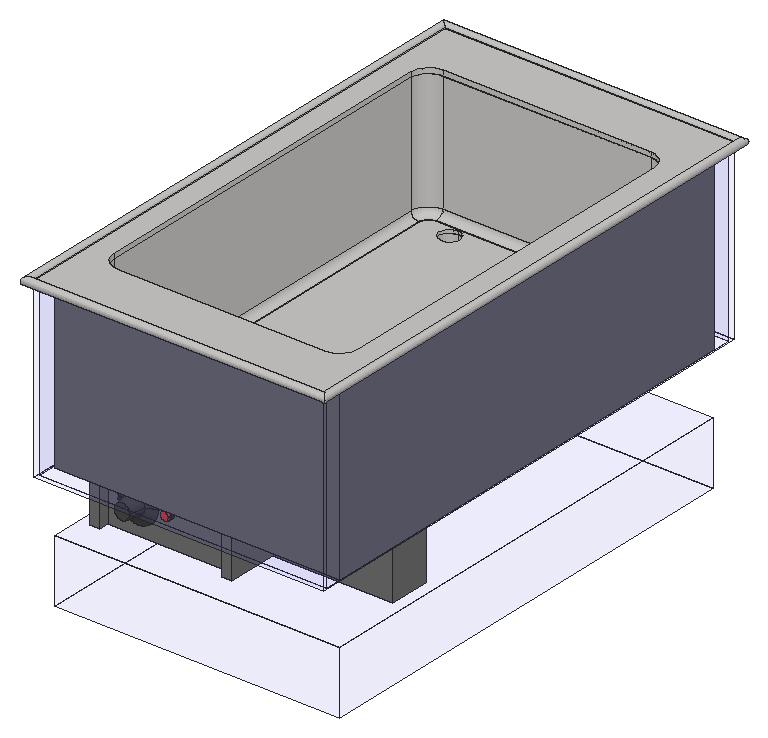
Revit family "QF_Vollrath_36466_cat", category Specialty Equipment, Revit 2016
Family settings
  Part Type = Normal
  Round Connector Dimension = Use Diameter
  OmniClass Number = 23.40.40.14.14
  OmniClass Title = Food Preparation Equipment
  Work Plane-Based = No
  Always vertical = Yes
  Cut with Voids When Loaded = No
  Shared = No
  Room Calculation Point = No
Parameters (values of type "Requires Type Catalog QF_Vollrath_36466_cat.txt")
  Width = 1' - 3"
  Weight in Pounds = 0
  Watts = 0 W
  Watermarked By = "http://revitwatermark.com"
  Waste Water Discharge Temperature [instance] = -459.67 °F
  Volts = 0 V
  URL Cutsheet = ""
  URL = "www.vollrathco.com"
  Status [instance] = ""
  Specification by User [instance] = ""
  Specification by Manufacturer [instance] = ""
  Serial Number [instance] = ""
  Seismic Rating [instance] = ""
  Revision Code [instance] = ""
  Remote Control Box [instance] = no
  Plumbing Remarks [instance] = ""
  Plumbing Connection Type [instance] = ""
  Phase = 1
  Number of Poles = 1
  NAFEM Spec ID Number [instance] = ""
  Mounted Control Box [instance] = not(Remote Control Box)  # yes
  Model = "-"
  Masterspec [instance] = ""
  Manufacturer = "Vollrath"
  Item Number [instance] = "-"
  Installed By [instance] = ""
  Indirect Waste Size = 1/2"
  Indirect Waste Flow [instance] = 0.00 GPM
  Indirect Waste Connection Type [instance] = ""
  Indirect Waste Connection Height [instance] = Height AFF - 1' 0 3/16"  # 1' - 11 13/16"
  Height AFF [instance] = 3' - 0"
  Furnished By [instance] = ""
  Foodservice Equipment Identifier [instance] = yes
  FL Amps = 0 A
  Electrical Remarks [instance] = ""
  Electric Connection Type [instance] = ""
  Elec Conn RI Height [instance] = 0' - 0"
  Elec Conn Connection Height [instance] = Height AFF - 0' 10"  # 2' - 2"
  Description = "Drop-In, Single Well Hot"
  Depth = 2' - 2"
  Cycle = 60 Hz
  Conn Plug = "-"
  CSI MasterFormat = "11 42 00"
  Assembly Code = "E1090320"
  Apparent Power = if(Phase = 3, Volts * FL Amps * 1.73, Volts * FL Amps)  # 0 VA
Reference planes (in)
  plane 1 "BACK": y = 0
  plane 2: z = 0
  plane 3 "LEFT": x = -15.489587
  plane 4 "RIGHT": x = -0.489587
  plane 5 "FRONT": y = -26
  plane 6 "Table Top": z = 36
  plane 7 "TOP": z = 36.375
  plane 8: y = -3
  plane 9: y = -23
  plane 10: x = -13.989587
  plane 11: x = -1.989587
  plane 12 "Bottom of Well": z = 29.625
  plane 13 "Bottom of Well Cover": z = 27.5
  plane 14: y = -1.5
  plane 15: y = -24.5
  plane 16: x = -14.989587
  plane 17: x = -0.989587
  plane 18 "Standard Drain": z = 23.75
  plane 19 "Drain FB": x = -11.989587
  plane 20 "Drain LR": y = -4
  plane 21: z = 24.5
  plane 22: z = 21.5
  plane 23 "Back of Panel": y = -20.5
  plane 24: y = -18.5
  plane 25: x = -14.489587
  plane 26: x = -1.552087
  plane 27 "Manifold Drain Top": z = 24.25
  plane 28 "Manifold Drain FB": x = -6.989587
  plane 29 "Front of Panel": y = -22.5
  plane 30: x = -7.489587
  plane 31: z = 21.375
Forms (in)
  Sweep 1, solid, material "QF_Finishes_Stainless Steel"
    path origin (0, 0, 36) x (0, 1, 0) y (-1, 0, 0)
      loop
        line (0, 15.489587) -> (-26, 15.489587) -> (-26, 0.489587) -> (0, 0.489587) -> (0, 15.489587)
    profile origin (-7.989587, 0, 36) x (0, 1, 0) y (0, 0, 1)
      loop
        line (-0.3712117, 0) -> (-0.1875, 0)
        arc (-0.1875, 0) -> (-0.0422631, 0.3060854) -> (-0.3712117, 0.225) r 0.1875
        line (-0.3712117, 0.225) -> (-0.3712117, 0)
  Extrusion 2, solid, material "QF_Finishes_Stainless Steel"
    sketch origin (0, 0, 36) x (0, 1, 0) y (-1, 0, 0)
      loop
        arc (-3, 13.114587) -> (-3.2562816, 13.7333055) -> (-3.875, 13.989587) r 0.875
        line (-3.875, 13.989587) -> (-22.125, 13.989587)
        arc (-22.125, 13.989587) -> (-22.7437184, 13.7333055) -> (-23, 13.114587) r 0.875
        line (-23, 13.114587) -> (-23, 2.864587)
        arc (-23, 2.864587) -> (-22.7437184, 2.2458686) -> (-22.125, 1.989587) r 0.875
        line (-22.125, 1.989587) -> (-3.875, 1.989587)
        arc (-3.875, 1.989587) -> (-3.2562816, 2.2458686) -> (-3, 2.864587) r 0.875
        line (-3, 2.864587) -> (-3, 13.114587)
      loop
        line (-0.3712117, 15.1183753) -> (-25.6287883, 15.1183753) -> (-25.6287883, 0.8607988) -> (-0.3712117, 0.8607988) -> (-0.3712117, 15.1183753)
    from 0 to 0.225
  Sweep 3, solid, material "QF_Finishes_Stainless Steel"
    path origin (0, 0, 36) x (0, 1, 0) y (-1, 0, 0)
      loop
        arc (-3, 13.114587) -> (-3.2562816, 13.7333055) -> (-3.875, 13.989587) r 0.875
        line (-3.875, 13.989587) -> (-22.125, 13.989587)
        arc (-22.125, 13.989587) -> (-22.7437184, 13.7333055) -> (-23, 13.114587) r 0.875
        line (-23, 13.114587) -> (-23, 2.864587)
        arc (-23, 2.864587) -> (-22.7437184, 2.2458686) -> (-22.125, 1.989587) r 0.875
        line (-22.125, 1.989587) -> (-3.875, 1.989587)
        arc (-3.875, 1.989587) -> (-3.2562816, 2.2458686) -> (-3, 2.864587) r 0.875
        line (-3, 2.864587) -> (-3, 13.114587)
    profile origin (-7.989587, -3, 36) x (0, 1, 0) y (0, 0, 1)
      loop
        line (0, 0) -> (0, -5.875)
        arc (0, -5.875) -> (-0.109835, -6.140165) -> (-0.375, -6.25) r 0.375
        line (-0.375, -6.25) -> (-0.375, -6.375)
        arc (-0.375, -6.375) -> (-0.0214466, -6.2285534) -> (0.125, -5.875) r 0.5
        line (0.125, -5.875) -> (0.125, 0) -> (0, 0)
  Extrusion 4, solid, material "QF_Finishes_Stainless Steel"
    sketch origin (0, 0, 29.625) x (0, 1, 0) y (-1, 0, 0)
      loop
        arc (-3.375, 13.114587) -> (-3.5214466, 13.4681404) -> (-3.875, 13.614587) r 0.5
        line (-3.875, 13.614587) -> (-22.125, 13.614587)
        arc (-22.125, 13.614587) -> (-22.4785534, 13.4681404) -> (-22.625, 13.114587) r 0.5
        line (-22.625, 13.114587) -> (-22.625, 2.864587)
        arc (-22.625, 2.864587) -> (-22.4785534, 2.5110336) -> (-22.125, 2.364587) r 0.5
        line (-22.125, 2.364587) -> (-3.875, 2.364587)
        arc (-3.875, 2.364587) -> (-3.5214466, 2.5110336) -> (-3.375, 2.864587) r 0.5
        line (-3.375, 2.864587) -> (-3.375, 13.114587)
      loop
        circle (-4, 11.989587) r 0.5
    from 0 to 0.125
  Extrusion 5, solid, material "QF_Finishes_Dark Grey"
    sketch origin (0, 0, 27.5) x (0, 1, 0) y (-1, 0, 0)
      loop
        line (-1.625, 14.864587) -> (-24.375, 14.864587) -> (-24.375, 1.114587) -> (-1.625, 1.114587) -> (-1.625, 14.864587)
      loop
        circle (-4, 11.989587) r 0.5
    from 0 to 0.125
  Extrusion 6, solid, material "QF_Finishes_Dark Grey"
    sketch origin (0, 0, 27.5) x (0, 1, 0) y (-1, 0, 0)
      loop
        line (-1.5, 14.989587) -> (-24.5, 14.989587) -> (-24.5, 0.989587) -> (-1.5, 0.989587) -> (-1.5, 14.989587)
      loop
        line (-1.625, 14.864587) -> (-24.375, 14.864587) -> (-24.375, 1.114587) -> (-1.625, 1.114587) -> (-1.625, 14.864587)
    from 0 to 8.5
  Extrusion 7, solid, material "QF_Finishes_Stainless Steel"
    sketch origin (0, 0, 27.5) x (0, 1, 0) y (-1, 0, 0)
      loop
        circle (-4, 11.989587) r 0.5
      loop
        circle (-4, 11.989587) r 0.625
    from 0.125 to 2.125
  Revolve 8, solid, material "QF_Finishes_Dark Grey"
    sketch origin (-11.989587, 0, 0) x (0, 1, 0) y (0, 0, 1)
      loop
        line (-3.375, 23.75) -> (-3.25, 23.75) -> (-3.25, 24.25) -> (-3.375, 24.25) -> (-3.375, 25.75) -> (-3.25, 25.75) -> (-3.25, 26.25) -> (-3.375, 26.25) -> (-3.375, 27.5) -> (-3.5, 27.5) -> (-3.5, 26.125) -> (-3.375, 26.125) -> (-3.375, 25.875) -> (-3.5, 25.875) -> (-3.5, 24.125) -> (-3.375, 24.125) -> (-3.375, 23.75)
      axis (-4, 23.75) -> (-4, 27.5)
    angle from 0 to 360
  Extrusion 9, solid, material "QF_Finishes_Dark Grey"
    sketch origin (-15.489587, 0, 0) x (0, 1, 0) y (0, 0, 1)
      loop
        line (-18.5, 27.5) -> (-20.5, 27.5) -> (-20.5, 24.5) -> (-18.5, 24.5) -> (-18.5, 27.5)
    from 1 to 13.9375
  Extrusion 10, solid, material "QF_Finishes_Dark Grey", visible <- "Mounted Control Box"
    sketch origin (0, 0, 27.5) x (0, 1, 0) y (-1, 0, 0)
      loop
        line (-20.5, 14.489587) -> (-23, 14.489587) -> (-23, 13.989587) -> (-22.5, 13.989587) -> (-22.5, 7.989587) -> (-23, 7.989587) -> (-23, 7.489587) -> (-20.5, 7.489587) -> (-20.5, 14.489587)
    from 0 to -3
  Blend 11, solid, material "QF_Finishes_Black", visible <- "Mounted Control Box"
    base sketch origin (0, -22.5, 0) x (-1, 0, 0) y (0, 0, 1)
      loop
        circle (12.489587, 26) r 1
    top sketch origin (0, -22.5, 0) x (-1, 0, 0) y (0, 0, 1)
      loop
        circle (12.489587, 26) r 0.5
    from 0 to -0.25
  Blend 12, solid, material "QF_Finishes_Black", visible <- "Mounted Control Box"
    base sketch origin (0, -22.5, 0) x (-1, 0, 0) y (0, 0, 1)
      loop
        circle (12.489587, 26) r 0.5
    top sketch origin (0, -22.5, 0) x (-1, 0, 0) y (0, 0, 1)
      loop
        circle (12.489587, 26) r 0.375
    from -0.25 to -1
  Extrusion 13, solid, material "QF_Finishes_Black", visible <- "Mounted Control Box"
    sketch origin (0, -22.5, 0) x (-1, 0, 0) y (0, 0, 1)
      loop
        circle (10.989587, 26) r 0.25
    from 0 to -0.125
  Extrusion 14, solid, material "QF_Finishes_Red", visible <- "Mounted Control Box"
    sketch origin (0, -22.5, 0) x (-1, 0, 0) y (0, 0, 1)
      loop
        circle (10.989587, 26) r 0.1875
    from -0.125 to -0.25
  Extrusion 15, solid, material "QF_Finishes_Clearances"
    sketch origin (0, 0, 36) x (0, 1, 0) y (-1, 0, 0)
      loop
        line (-0.375, 15.114587) -> (-25.625, 15.114587) -> (-25.625, 0.864587) -> (-0.375, 0.864587) -> (-0.375, 15.114587)
      loop
        line (-0.625, 15.052087) -> (-25.375, 15.052087) -> (-25.375, 0.927087) -> (-0.625, 0.927087) -> (-0.625, 15.052087)
    from 0 to -8.5
  Extrusion 16, solid, material "QF_Finishes_Clearances", detail levels medium+fine
    sketch origin (-11.989587, 0, 0) x (0, 1, 0) y (0, 0, 1)
      loop
        line (-1.5, 21.375) -> (-1.5, 24.5) -> (-24.5, 24.5) -> (-24.5, 21.375) -> (-1.5, 21.375)
    from -3 to 11
Lines and regions (in)
  symbolic lines
    curve 1: line (-15.489587, 0, 27.5) -> (-0.489587, 0, 27.5)
    curve 2: line (-15.489587, -26, 27.5) -> (-15.489587, 0, 27.5)
    curve 3: line (-0.489587, -26, 27.5) -> (-15.489587, -26, 27.5)
    curve 4: line (-0.489587, 0, 27.5) -> (-0.489587, -26, 27.5)
    curve 5: line (-13.114587, -3, 27.5) -> (-2.864587, -3, 27.5)
    curve 6: line (-13.989587, -22.125, 27.5) -> (-13.989587, -3.875, 27.5)
    curve 7: line (-2.864587, -23, 27.5) -> (-13.114587, -23, 27.5)
    curve 8: line (-1.989587, -3.875, 27.5) -> (-1.989587, -22.125, 27.5)
    curve 9: arc (-13.114587, -23, 27.5) -> (-13.7333055, -22.7437184, 27.5) -> (-13.989587, -22.125, 27.5) r 0.875
    curve 10: arc (-2.864587, -23, 27.5) -> (-2.2458686, -22.7437184, 27.5) -> (-1.989587, -22.125, 27.5) r 0.875
    curve 11: arc (-13.989587, -3.875, 27.5) -> (-13.7333055, -3.2562816, 27.5) -> (-13.114587, -3, 27.5) r 0.875
    curve 12: arc (-2.864587, -3, 27.5) -> (-2.2458686, -3.2562816, 27.5) -> (-1.989587, -3.875, 27.5) r 0.875
  model lines, style "QF_Cutout"
    curve 13: line (-15.114587, -0.375, 36.375) -> (-15.114587, -0.375, 42.375)
    curve 14: line (-0.8607988, -0.375, 36.375) -> (-0.8607988, -0.375, 42.375)
    curve 15: line (-15.114587, -25.625, 36.375) -> (-15.114587, -25.625, 42.375)
    curve 16: line (-0.8607988, -25.625, 36.375) -> (-0.8607988, -25.625, 42.375)
Dimensions and locks (in)
  "Width": plane 3 "LEFT" to plane 4 "RIGHT"
  "Depth": plane 5 "FRONT" to plane 1 "BACK"
  "Height AFF": plane 6 "Table Top" to level
  locked: plane 7 "TOP" to plane 6 "Table Top" at 0.375
  locked: plane 1 "BACK" to plane 8 at 3
  locked: plane 9 to plane 5 "FRONT" at 3
  locked: plane 3 "LEFT" to plane 10 at 1.5
  locked: plane 11 to plane 4 "RIGHT" at 1.5
  locked: profile plane to Sweep 1 sketch curve at 0.3712117
  locked: plane 6 "Table Top" to plane 12 "Bottom of Well" at 6.375
  locked: plane 6 "Table Top" to plane 13 "Bottom of Well Cover" at 8.5
  locked: plane 1 "BACK" to plane 14 at 1.5
  locked: plane 15 to plane 5 "FRONT" at 1.5
  locked: plane 3 "LEFT" to plane 16 at 0.5
  locked: plane 17 to plane 4 "RIGHT" at 0.5
  locked: plane 3 "LEFT" to plane 19 "Drain FB" at 3.5
  locked: plane 1 "BACK" to plane 20 "Drain LR" at 4
  locked: plane 13 "Bottom of Well Cover" to plane 21 at 3
  locked: plane 21 to plane 22 at 3
  locked: plane 24 to plane 23 "Back of Panel" at 2
  locked: plane 23 "Back of Panel" to plane 5 "FRONT" at 5.5
  locked: plane 16 to plane 25 at 0.5
  locked: plane 26 to plane 17 at 0.5625
  plane 23 "Back of Panel" to plane 29 "Front of Panel" = 0' - 2"
  locked: plane 25 to plane 30 at 7
  locked: plane 19 "Drain FB" to plane 28 "Manifold Drain FB" at 5
  locked: plane 25 to Extrusion 10 sketch curve at 0.5
  locked: Extrusion 10 sketch curve to plane 30 at 0.5
  locked: plane 13 "Bottom of Well Cover" to plane 27 "Manifold Drain Top" at 3.25
  locked: plane 13 "Bottom of Well Cover" to plane 18 "Standard Drain" at 3.75
  locked: plane 7 "TOP" to plane 31 at 15
  aligned and locked: level to plane 2
  aligned and locked: Sweep 1 sketch curve to profile plane
  aligned and locked: plane 1 "BACK" to Sweep 1 sketch curve
  aligned and locked: plane 3 "LEFT" to Sweep 1 sketch curve
  aligned and locked: Sweep 1 sketch curve to plane 5 "FRONT"
  aligned and locked: Sweep 1 sketch curve to plane 4 "RIGHT"
  aligned and locked: Extrusion 2 sketch curve to plane 8
  aligned and locked: plane 10 to Extrusion 2 sketch curve
  aligned and locked: plane 9 to Extrusion 2 sketch curve
  aligned and locked: plane 11 to Extrusion 2 sketch curve
  aligned and locked: Sweep 1 to Extrusion 2 sketch curve  (x4)
  aligned: Extrusion 2 to Sweep 1
  aligned and locked: Sweep 3 sketch curve to plane 8
  aligned and locked: plane 10 to Sweep 3 sketch curve
  aligned and locked: plane 9 to Sweep 3 sketch curve
  aligned and locked: plane 11 to Sweep 3 sketch curve
  aligned and locked: plane 8 to Sweep 3 sketch curve
  aligned and locked: Sweep 3 sketch curve to plane 6 "Table Top"
  aligned and locked: Extrusion 4 sketch curve to Sweep 3  (x2)
  aligned and locked: Sweep 3 to Extrusion 4 sketch curve  (x2)
  aligned and locked: Extrusion 4 to Sweep 3
  aligned and locked: Extrusion 5 sketch curve to Extrusion 4  (x2)
  aligned and locked: plane 16 to Extrusion 6 sketch curve
  aligned and locked: Extrusion 6 sketch curve to plane 14
  aligned and locked: Extrusion 6 sketch curve to plane 17
  aligned and locked: plane 15 to Extrusion 6 sketch curve
  aligned and locked: plane 6 "Table Top" to Extrusion 6
  aligned and locked: Extrusion 5 sketch curve to Extrusion 6  (x4)
  aligned and locked: Extrusion 7 sketch curve to Extrusion 4  (x2)
  aligned and locked: plane 12 "Bottom of Well" to Extrusion 7
  aligned and locked: Extrusion 9 sketch curve to plane 13 "Bottom of Well Cover"
  aligned and locked: plane 23 "Back of Panel" to Extrusion 9 sketch curve
  aligned and locked: Extrusion 9 sketch curve to plane 24
  aligned and locked: plane 21 to Extrusion 9 sketch curve
  aligned and locked: Extrusion 9 to plane 25
  aligned and locked: plane 26 to Extrusion 9
  aligned and locked: Extrusion 10 sketch curve to plane 23 "Back of Panel"
  aligned and locked: Extrusion 10 sketch curve to plane 30
  aligned and locked: Extrusion 10 sketch curve to plane 25
  aligned and locked: plane 29 "Front of Panel" to Extrusion 10 sketch curve
  aligned and locked: Extrusion 10 to plane 21
  aligned and locked: Blend 12 sketch curve to Blend 11  (x2)
  aligned and locked: plane 1 "BACK" to curve 1
  aligned and locked: plane 3 "LEFT" to curve 2
  aligned and locked: curve 4 to plane 4 "RIGHT"
  aligned and locked: curve 3 to plane 5 "FRONT"
  aligned and locked: curve 5 to plane 8
  aligned and locked: plane 11 to curve 8
  aligned and locked: plane 10 to curve 6
  aligned and locked: plane 9 to curve 7
  aligned and locked: Extrusion 15 to plane 13 "Bottom of Well Cover"
  aligned and locked: Extrusion 16 to plane 16
  aligned and locked: plane 17 to Extrusion 16
Automatic sketch dimensions
  Sweep 3 sketch curve to plane 23 "Back of Panel" = 0' - 1 5/8"  (x2)
  plane 20 "Drain LR" to Sweep 3 sketch curve = 0' - 0 1/8"  (x2)
  plane 15 to Extrusion 6 sketch curve = 0' - 0 1/8"
  Extrusion 6 sketch curve to plane 14 = 0' - 0 1/8"
  Extrusion 6 sketch curve to plane 17 = 0' - 0 1/8"
  plane 16 to Extrusion 6 sketch curve = 0' - 0 1/8"
  Extrusion 10 sketch curve to plane 9 = 0' - 0"  (x2)
  Sweep 1 sketch curve to Sweep 1 sketch curve = 0' - 0.18371"
  Sweep 1 sketch curve to Sweep 1 sketch curve = 0' - 0 3/16"
  Extrusion 2 sketch curve to plane 23 "Back of Panel" = 0' - 1 5/8"  (x2)
  plane 20 "Drain LR" to Extrusion 2 sketch curve = 0' - 0 1/8"  (x2)
  plane 29 "Front of Panel" to curve 8 = 0' - 0 3/8"
  plane 29 "Front of Panel" to curve 9 = 0' - 0 3/8"
  plane 20 "Drain LR" to curve 12 = 0' - 0 1/8"
  plane 20 "Drain LR" to curve 11 = 0' - 0 1/8"
  Extrusion 15 sketch curve to plane 5 "FRONT" = 0' - 0 3/8"
  plane 1 "BACK" to Extrusion 15 sketch curve = 0' - 0 3/8"
  Extrusion 15 sketch curve to Extrusion 15 sketch curve = 0' - 0 1/4"  (x2)
  Extrusion 15 sketch curve to plane 16 = 0' - 0 1/16"
  plane 17 to Extrusion 15 sketch curve = 0' - 0 1/16"
  Extrusion 15 sketch curve to Extrusion 15 sketch curve = 0' - 0 1/16"  (x2)
  Sweep 3 sketch curve to Sweep 3 sketch curve = 0' - 0"  (x2)
  profile plane to Sweep 3 sketch curve = 0' - 0 3/8"
  Sweep 3 sketch curve to profile plane = 0' - 0 1/8"
  Sweep 3 sketch curve to plane 6 "Table Top" = 0' - 5 7/8"
  Extrusion 4 sketch curve to plane 19 "Drain FB" = 0' - 0"
  Extrusion 4 sketch curve to plane 20 "Drain LR" = 0' - 0"
  plane 29 "Front of Panel" to Extrusion 4 sketch curve = 0' - 0 3/8"  (x2)
  plane 20 "Drain LR" to Extrusion 4 sketch curve = 0' - 0 1/8"  (x2)
  Extrusion 7 sketch curve to Extrusion 7 sketch curve = 0' - 0"  (x2)
  Extrusion 7 sketch curve to Extrusion 7 sketch curve = 0' - 0 1/8"
  Revolve 8 sketch curve to plane 20 "Drain LR" = 0' - 0"
  Revolve 8 sketch curve to plane 13 "Bottom of Well Cover" = 0' - 0"
  Revolve 8 sketch curve to plane 27 "Manifold Drain Top" = 0' - 0"
  Revolve 8 sketch curve to plane 18 "Standard Drain" = 0' - 0"
  Revolve 8 sketch curve to plane 8 = 0' - 0 1/2"  (x2)
  Revolve 8 sketch curve to Revolve 8 sketch curve = 0' - 0 1/8"  (x6)
  Revolve 8 sketch curve to Revolve 8 sketch curve = 0' - 0"
  Revolve 8 sketch curve to plane 8 = 0' - 0 3/8"
  Revolve 8 sketch curve to level = 1' - 0"
  Revolve 8 sketch curve to plane 27 "Manifold Drain Top" = 0' - 0 1/8"
  plane 21 to Revolve 8 sketch curve = 0' - 1 1/4"
  Revolve 8 sketch curve to Revolve 8 sketch curve = 0' - 0 1/4"
  plane 7 "TOP" to Revolve 8 sketch curve = 5' - 0 5/8"
  Blend 11 sketch curve to plane 19 "Drain FB" = 0' - 0 1/2"  (x2)
  Blend 11 sketch curve to plane 13 "Bottom of Well Cover" = 0' - 1 1/2"  (x2)
  Blend 12 sketch curve to plane 19 "Drain FB" = 0' - 0 1/2"
  Blend 12 sketch curve to plane 13 "Bottom of Well Cover" = 0' - 1 1/2"
  plane 19 "Drain FB" to Extrusion 13 sketch curve = 0' - 1"
  Extrusion 13 sketch curve to plane 13 "Bottom of Well Cover" = 0' - 1 1/2"
  plane 19 "Drain FB" to Extrusion 14 sketch curve = 0' - 1"
  Extrusion 14 sketch curve to plane 13 "Bottom of Well Cover" = 0' - 1 1/2"
  Extrusion 15 to curve 13 = 0' - 0"
  Extrusion 15 to curve 14 = 0' - 0.00379"
  curve 13 to Extrusion 15 = 0' - 6 3/8"
  curve 14 to Extrusion 15 = 0' - 6 3/8"
  curve 14 to Extrusion 15 = 0' - 0 3/8"
  curve 13 to Extrusion 15 = 0' - 0 3/8"
  curve 15 to Extrusion 15 = 0' - 0"
  curve 15 to Extrusion 15 = 0' - 6 3/8"
  curve 16 to Extrusion 15 = 0' - 6 3/8"
  curve 16 to Extrusion 15 = 0' - 0 3/8"
  curve 15 to Extrusion 15 = 0' - 0 3/8"
  Extrusion 16 sketch curve to plane 15 = 0' - 0"
  Extrusion 16 sketch curve to plane 14 = 0' - 0"
  Extrusion 16 sketch curve to plane 31 = 0' - 0"
  Extrusion 16 sketch curve to plane 21 = 0' - 0"
  Extrusion 15 to curve 16 = 0' - 0.00379"
  radius of Extrusion 4 sketch curve = 0' - 0 1/2"
  radius of Blend 11 sketch curve = 0' - 1"
  radius of Blend 11 sketch curve = 0' - 0 1/2"
  radius of Blend 12 sketch curve = 0' - 0 3/8"
  radius of Extrusion 13 sketch curve = 0' - 0 1/4"
  radius of Extrusion 14 sketch curve = 0' - 0 3/16"
Connectors (in)
  piping at (-11.989587, -4, 23.75), diameter 1, driven by "Indirect Waste Flow"
    settings: on Revolve 8, index 1, connector inside diameter 1", connector length 0' - 0", flow factor 0, pipe flow 0.00 GPM, pressure drop 0.00 psi, fitting loss kfactor 0, connector angle 0.00°, fixture units 0, engagement length 0' - 0", angle of deflection 0.00°, flow configuration 1, flow direction 2, fitting loss method 0, system type 16, joint type 0, gender type 0, connector reference index -1, connector utility 0, adjustable connector no, is connector primary yes, connector description "Indirect Waste"
  electrical at (-8.020837, -18.5, 26), driven by "Number of Poles", driven by "Volts", driven by "Apparent Power"
    settings: on Extrusion 9, index 3, voltage 0 V, apparent load 0 VA, apparent load phase1 0 VA, apparent load phase2 0 VA, apparent load phase3 0 VA, power factor 1, load classification "Other", number of poles 1, system type 30, power factor state 1, is connector primary yes, connector utility no, sub classification motor no, connector description "Electric"
